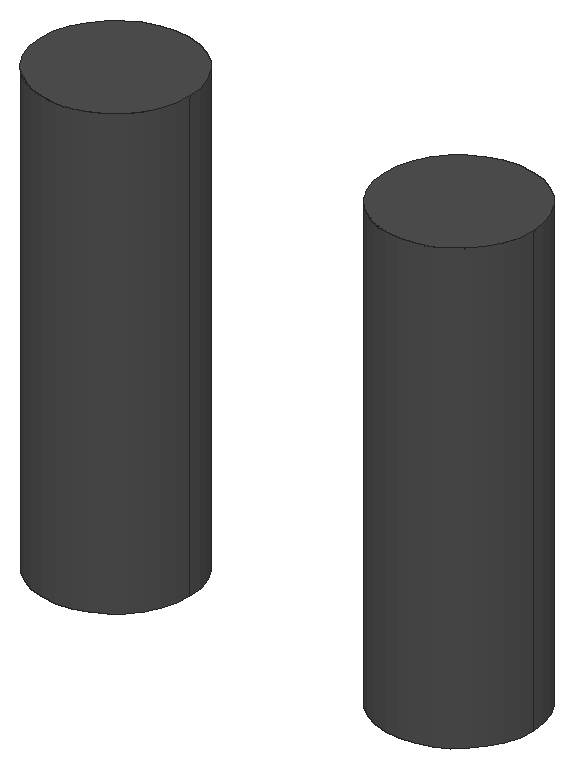
Revit family "9220221933(2023)", category Plumbing Fixtures, Revit 2020
Family settings
  Round Connector Dimension = Use Diameter
  Part Type = Normal
  OmniClass Number = 23.45.55.00
  OmniClass Title = Sanitary Faucets, Wastes
  Work Plane-Based = No
  Always vertical = Yes
  Cut with Voids When Loaded = No
  Shared = No
  Room Calculation Point = No
Parameters (values of type "9220221933 Washbasin faucet, 3 V, Bluetooth")
  Working Pressure = "100 - 1000 kPa"
  WarrantyStartDate [instance] = "n/a"
  WarrantyGuarantorParts = "n/a"
  WarrantyGuarantorLabor = "n/a"
  WarrantyDurationUnit = "Year"
  WarrantyDurationParts = "n/a"
  WarrantyDurationLabor = "n/a"
  WarrantyDescription = "http://warranty.hansa.com"
  Warranty Information URL = "http://warranty.hansa.com"
  VersionDate = "01/06/2023"
  Version = "1"
  ValvePattern = "n/a"
  ValveOperation = "n/a"
  ValveMechanism = "n/a"
  Uniclass2015Reference = "Pr_40_20_87_96"
  Uniclass2015Description = "Washbasin manual water supply sets"
  Uniclass2 = "Pr_40_30_96_96"
  URL WEEE = "http://static.hansa.com/WEEE/9220221933"
  URL UWL = "http://static.hansa.com/UWL/9220221933"
  URL REACH = "http://static.hansa.com/doc/reach"
  URL EcoLabel Declaration = "http://static.hansa.com/doc/EcoLabel"
  URL EU Packaging Declaration = "http://static.hansa.com/doc/packaging"
  URL Declaration of SCIP = "http://static.hansa.com/doc/SCIP"
  URL Declaration of Conformity = "http://static.hansa.com/DoC/9220221933"
  URL Declaration of Asbestos = "http://static.hansa.com/doc/asbestos"
  URL Declaration Of Performance (DOP) = "http://static.hansa.com/doc/DoP"
  URL = ""
  UNSPSC Class Number = "30181700 Faucets or taps"
  Type Comments = ""
  TestPressure = "n/a"
  Temperature Adjustments = "Adjustable hot water stop (included, retrofittable)"
  Technical DataSheet URL = "http://www.hansa.com/datasheet/9220221933/en"
  TagNumber [instance] = "n/a"
  SustainabilityPerformance = "n/a"
  Surface treatment = "Matt black"
  Spout Type = "Fixed spout"
  Spout Projection = "117 mm"
  Size = "70x165x135 mm"
  Shape = "Sculptured"
  SerialNumber [instance] = "n/a"
  Sales Package dimensions (LxWxH) = "284 x 191 x 83.5"
  Revision = "n/a"
  ReplacementCost = "n/a"
  Protection Class = "IP 55"
  ProductInformation = "n/a"
  Product URL = "http://static.hansa.com/9220221933"
  Product Image URL = "http://static.hansa.com/image/9220221933"
  Product Family = "HANSAELECTRA Digital"
  Product Code = "9220221933"
  OperatingMechanismMaterial = "n/a"
  Operating Voltage = 39 V
  Operating Distance = "20-130 mm (110/130/160 mm)"
  NominalWidth = 69.286 mm
  NominalHeight = 135.012 mm
  NominalDepth = 163.081 mm
  Noise Class = "I (ISO 3822) "
  Name_en = "9220221933 Washbasin faucet, 3 V, Bluetooth"
  Name = "9220221933 Washbasin faucet, 3 V, Bluetooth"
  NBSReference = "45-35-70/371"
  NBSDescription = "Water supply fittings for wash basins and troughs"
  Mounting Holes = "1 hole"
  ModelReference = "9220221933"
  ModelNumber = "n/a"
  Model = "9220221933 Washbasin faucet, 3 V, Bluetooth"
  Mobile Product Information URL = "http://mpi.hansa.com/9220221933"
  Mechanical Parts = "Mixing valve for manual temperature control;Non-return valve(s);Litter filter(s)"
  Max. Hot Water Supply = 70 °C
  Max Flow Period = "2 min (1 - 1800 s)"
  Material = "Composite"
  Market = "International;Germany;Austria;Switzerland;Belgium;Netherlands;Italy"
  ManufacturerURL = "http://www.hansa.com"
  ManufacturerName = "HANSA"
  Manufacturer = "HANSA"
  Long Marketing = "Electra 92 series is giving you a whole new modern design with its rounded square body and spout. Giving you new fresh and updated design.\nDesign compliments the new trends of the modern bathroom with its more squared design.\n\nKey Features\nAerator with Tilt function +/- 10° for more flexible installation\nNewest Sensor technology for better detection and operation comfort\nBluetooth technology for easy adjustment to personalize settings \nAntiscalding protection\nTemperature measurement\nDigital Network Service\nBattery and power cable"
  Lever Handle = "Temperature control handle"
  Keynote = ""
  InstallationDate [instance] = "n/a"
  Installation Type = "Deck mounted"
  InletConnectionSize = 10 mm
  IfcExportType = "FAUCET"  # constant formula
  IfcExportAs = "IfcValveType"  # constant formula
  Group = "Washbasin faucet"
  Grade = "n/a"
  FlowCoefficient = 0
  Flow Rate At 300kPa With Flow Controller = 0.09 L/s
  Flow Drawing URL = "http://static.hansa.com/flowchart/9220221933"
  Finish = "Polished"
  Features = "Touchless;Battery-operated;External transformer;Bluetooth®;Lead free"
  FaucetMainMaterial = Brass - Matt black
  FDV Document URL = "http://www.hansa.com/datasheet/9220221933/en/fdv"
  ExpectedLife = "n/a"
  Electronic Parts = ";Light indicated function(s);Low battery indicator"
  Electrical Connection = "9 V"
  ETIM Class Number = "EC010340 Electronic tap"
  EN Standard = "EN 15091"
  EMC Directive = "2014/53/EU , 2011/65/EU"
  EAN Number = "4057304019432"
  DurationUnit = "Year"
  Dimension Drawing URL = "http://static.hansa.com/dimdrw/9220221933"
  Description = ""
  DefaultElevation [instance] = 900 mm
  Default Elevation = 0 mm
  Constituents = "n/a"
  Connection Size = "G3/8"
  Connection = "Flexible inlet pipes"
  Color = "Matt black"
  CodePerformance = "n/a"
  CloseOffRating = 0
  Catalog Drawing URL = "http://static.hansa.com/catdrw/9220221933"
  Brand = "HANSA"
  BodyMaterial = "Brass"
  Bluetooth = "5.x (D060576)"
  Battery = "AA 1.5 V Lithium x 2"
  Barcode [instance] = "n/a"
  Backflow Prevention EN1717 = "EB"
  BIMObjectName = "9220221933(2023)"
  Automatic Flush Period = "30 s (1-1800 s)"
  Automatic Flush Frequency = "off (off/1-120 h)"
  Author = "BIMStone"
  AssetType = "Fixed"
  AssetIdentifier [instance] = "n/a"
  Afterflow Period = "3 s (1-20 s)"
  Aerator = "PCA® - constant flow rate regardless of pressure variations;Adjustable flow angle"
  Advanced Features = "3S-installation system for safe and simple mounting"
  AccessibilityPerformance = "n/a"
  2D/3D/BIM Files URL = "http://static.hansa.com/bim/9220221933"
Reference planes
  plane 1 "Center (Front/Back)": y = 0
  plane 2: z = 0
  plane 3 "Center (Left/Right)": x = 0
  plane 4: x = -27.304
  plane 5: z = 900
  plane 6: z = 870
  plane 7: y = -163.081
  plane 8: x = 27.304
  plane 9: z = 1035.012
  plane 10: x = 41.982
Forms (mm)
  Extrusion 1, solid, material "Brass - Matt black" <- "FaucetMainMaterial"
    sketch origin (0, -2.393, 0) x (1, 0, 0) y (0, 1, 0)
      loop
        circle (-11.5, -22.5) r 5
      loop
        circle (11.5, -22.5) r 5
    from 870 to 900
Dimensions and locks
  "DefaultElevation": plane 5 to level
  locked: plane 5 to plane 6 at 30
  "NominalDepth": plane 7 to plane 1 "Center (Front/Back)"
  equal spacing: plane 4, plane 3 "Center (Left/Right)", plane 8
  "NominalHeight": plane 9 to plane 5
  locked: plane 8 to plane 10 at 14.678
  "NominalWidth": plane 4 to plane 10
  "InletConnectionSize": diameter of Extrusion 1 sketch curve  (x2)
  aligned and locked: level to plane 2
  aligned and locked: plane 5 to Extrusion 1
  aligned and locked: Extrusion 1 to plane 6
  aligned and locked: plane 1 "Center (Front/Back)" to nested 2
  aligned and locked: plane 3 "Center (Left/Right)" to nested 2
  aligned and locked: plane 3 "Center (Left/Right)" to nested 1
  aligned and locked: plane 1 "Center (Front/Back)" to nested 1
  aligned and locked: plane 5 to nested 2
Automatic sketch dimensions
  Extrusion 1 sketch curve to plane 3 "Center (Left/Right)" = 11.5 mm
  plane 3 "Center (Left/Right)" to Extrusion 1 sketch curve = 11.5 mm
  plane 1 "Center (Front/Back)" to Extrusion 1 sketch curve = 24.893 mm
  Extrusion 1 sketch curve to Extrusion 1 sketch curve = 0 mm
Nested families
  nested 1: "Symbol" at (0, 0, 0), type "Symbol", detail levels coarse
  nested 2: "9220221933(2023)_Body" at (0, 0, 900), Material <- "FaucetMainMaterial", type "9220221933(2023)_Body"
    with Material Brass - Matt black
Connectors
  piping at (-11.5, -24.893, 870), diameter 10, driven by "InletConnectionSize"
    settings: on Extrusion 1, index 1, connector inside diameter 609.6 mm, connector length 0 mm, flow factor 0, pipe flow 0.2 L/s, pressure drop 0.0 Pa, fitting loss kfactor 0, connector angle 0.00°, fixture units 0, engagement length 0 mm, angle of deflection 0.00°, flow configuration 1, flow direction 1, fitting loss method 0, system type 19, joint type 0, gender type 0, connector reference index -1, connector utility 0, adjustable connector no, is connector primary yes, connector description ""
  piping at (11.5, -24.893, 870), diameter 10, driven by "InletConnectionSize"
    settings: on Extrusion 1, index 2, connector inside diameter 609.6 mm, connector length 0 mm, flow factor 0, pipe flow 0.2 L/s, pressure drop 0.0 Pa, fitting loss kfactor 0, connector angle 0.00°, fixture units 0, engagement length 0 mm, angle of deflection 0.00°, flow configuration 1, flow direction 1, fitting loss method 0, system type 20, joint type 0, gender type 0, connector reference index -1, connector utility 0, adjustable connector no, is connector primary no, connector description ""
Definition of nested family "Symbol"
  Reference planes
    plane 1: y = 0
    plane 2: x = 0
  Lines and regions (mm)
    detail lines
      curve 1: line (0, 0, 0) -> (0, -1.8, 0)
      curve 2: line (-0.4, -1.1, 0) -> (0.4, -1.1, 0)
      curve 3: line (-0.4, -1.4, 0) -> (0.4, -1.4, 0)
      curve 4: line (0.863, 0, 0) -> (-0.863, 0, 0)
      curve 5: circle (-1.163, 0, 0) r 0.3 normal (0, 0, -1)
      curve 6: circle (1.163, 0, 0) r 0.3 normal (0, 0, 1)
